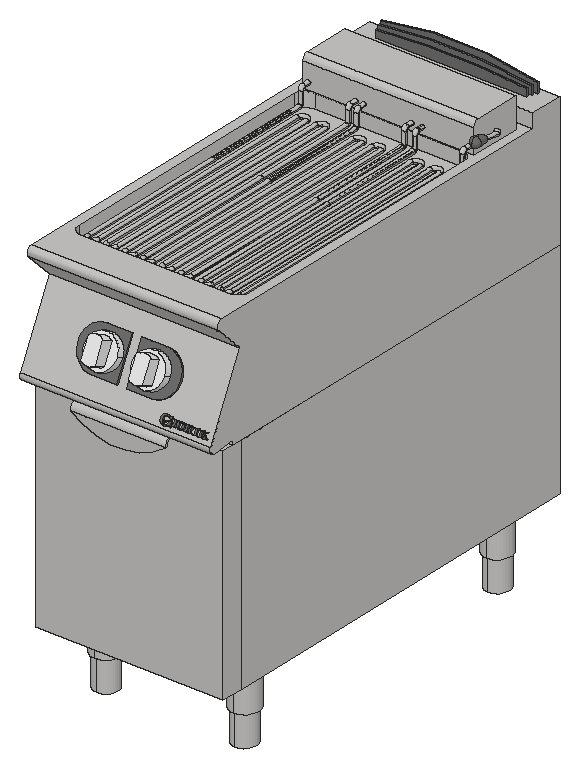
Revit family "QF_GIORIK_GL92GE", category Specialty Equipment, Revit 2014
Parameters (values of type "GL92GE")
  Weight in Pounds = 154.3234
  Watts = 5400 W
  Waste Water Discharge Temperature [instance] = 0 °C
  Volts = 400 V
  URL Cutsheet = "www.giorik.com"
  URL = "www.giorik.com"
  Status [instance] = ""
  Specification by User [instance] = ""
  Specification by Manufacturer = ""
  Show Logo [instance] = yes
  Show Clearance [instance] = yes
  Serial Number = ""
  Seismic Rating = ""
  SMACNA No = ""
  Revision Code [instance] = ""
  Plumbing Remarks [instance] = ""
  Plumbing Connection Type [instance] = ""
  Phase = 3
  Number of Poles [instance] = 3
  NAFEM Spec ID Number = ""
  Model = "GL92GE"
  Min Ckt Ampacity = 0 A
  Max Overcurrent Protection = 0 A
  Masterspec = ""
  Manufacturer = "GIORIK"
  Item Number [instance] = ""
  Installed By [instance] = ""
  Indirect Waste Size = 1"
  Indirect Waste Flow = 0.0 L/s
  Indirect Waste Connection Type [instance] = ""
  Indirect Waste Connection Height [instance] = 150 mm
  Identify Quantity as Lot [instance] = no
  HP = "7.241508000000"
  Furnished By [instance] = ""
  Foodservice Equipment Identifier [instance] = yes
  FL Amps = 0 A
  Electrical Remarks [instance] = ""
  Electric Connection Type [instance] = ""
  Elec Conn RI Height [instance] = 0 mm
  Elec Conn Connection Height [instance] = 150 mm
  Description = "AQUA-ELECTRIC GRILL WITH NEUTRAL CUPBOARD"
  Cycle = 50 Hz
  Conn Plug = ""
  Conn Conduit [instance] = no
  CSI MasterFormat = ""
  Assembly Code = "E1090320"
  Apparent Power = 5400 VA
Reference planes
  plane 1 "Back": y = 0
  plane 2: z = 0
  plane 3 "Left": x = 0
  plane 4 "Right": x = 400
  plane 5 "Front": y = -920
  plane 6 "Top": z = 900
Forms (mm)
  Extrusion 1, solid, visible <- "Show Logo"
    sketch origin (196.604, -935.76, 608.978) x (-1, 0, 0) y (0, 0.452718, 0.891654)
      loop
        line (-118.824, 58.358) -> (-127.804, 58.358) -> (-125.523, 56.445) -> (-125.523, 48.027) -> (-127.804, 46.113) -> (-118.824, 46.113) -> (-121.105, 48.027) -> (-121.105, 56.445) -> (-118.824, 58.358)
      loop
        line (-163.721, 58.358) -> (-172.7, 58.358) -> (-170.42, 56.445) -> (-170.42, 48.027) -> (-172.7, 46.113) -> (-163.721, 46.113) -> (-166.001, 48.027) -> (-166.001, 56.445) -> (-163.721, 58.358)
      loop
        line (-174.332, 58.358) -> (-183.312, 58.358) -> (-181.031, 56.445) -> (-181.031, 52.435) -> (-186.419, 56.955) -> (-184.416, 58.358) -> (-191.268, 58.358) -> (-188.01, 56.839) -> (-185.455, 54.283) -> (-190.846, 47.858) -> (-193.396, 46.93) -> (-193.396, 46.113) -> (-184.416, 46.113) -> (-185.437, 47.571) -> (-182.443, 51.552) -> (-181.031, 50.894) -> (-181.031, 48.027) -> (-183.312, 46.113) -> (-174.332, 46.113) -> (-176.613, 48.027) -> (-176.613, 56.445) -> (-174.332, 58.358)
      loop
        line (-115.429, 62.063) -> (-115.429, 54.198)
        arc (-115.429, 54.198) -> (-111.618, 57.803) -> (-106.847, 59.986) r 16.039
        arc (-106.847, 59.986) -> (-103.314, 59.837) -> (-100.512, 57.68) r 5.851
        arc (-100.512, 57.68) -> (-98.815, 52.267) -> (-100.512, 46.853) r 9.479
        arc (-100.512, 46.853) -> (-102.406, 44.986) -> (-104.846, 43.93) r 7.236
        arc (-104.846, 43.93) -> (-107.728, 44.111) -> (-110.052, 45.825) r 5.11
        line (-110.052, 45.825) -> (-110.052, 52.001) -> (-116.141, 52.001) -> (-116.141, 45.503) -> (-117.893, 43.751) -> (-114.094, 44.769)
        arc (-114.094, 44.769) -> (-112.56, 44.947) -> (-111.129, 44.366) r 3.115
        arc (-111.129, 44.366) -> (-104.216, 42.091) -> (-97.303, 44.366) r 11.641
        arc (-97.303, 44.366) -> (-93.396, 52.107) -> (-97.303, 59.849) r 9.622
        arc (-97.303, 59.849) -> (-104.369, 62.174) -> (-111.435, 59.849) r 11.898
        line (-111.435, 59.849) -> (-115.429, 62.063)
      loop
        arc (-129.234, 56.068) -> (-135.893, 58.628) -> (-142.552, 56.068) r 9.941
        arc (-142.552, 56.068) -> (-144.234, 52.286) -> (-142.552, 48.505) r 5.093
        arc (-142.552, 48.505) -> (-135.893, 45.945) -> (-129.234, 48.505) r 9.941
        arc (-129.234, 48.505) -> (-127.552, 52.286) -> (-129.234, 56.068) r 5.093
      loop
        arc (-132.628, 54.403) -> (-135.893, 57.668) -> (-139.158, 54.403) r 3.265
        line (-139.158, 54.403) -> (-139.158, 50.169)
        arc (-139.158, 50.169) -> (-135.893, 46.904) -> (-132.628, 50.169) r 3.265
        line (-132.628, 50.169) -> (-132.628, 54.403)
      loop
        arc (-156.363, 58.365) -> (-159.647, 55.081) -> (-156.363, 51.796) r 3.285
        line (-156.363, 51.796) -> (-159.529, 47.306) -> (-162.087, 46.113) -> (-155.847, 46.113) -> (-153.529, 51.083) -> (-150.637, 51.083) -> (-150.637, 47.784) -> (-153.022, 46.113) -> (-144.011, 46.113) -> (-146.094, 47.68) -> (-146.094, 56.493) -> (-144.229, 58.365) -> (-156.363, 58.365)
      loop
        line (-150.637, 57.512) -> (-153.637, 57.512)
        arc (-153.637, 57.512) -> (-156.237, 54.912) -> (-153.637, 52.312) r 2.6
        line (-153.637, 52.312) -> (-150.637, 52.312) -> (-150.637, 57.512)
      loop
        line (-108.924, 52.001) -> (-104.936, 49.005) -> (-100.948, 52.001) -> (-108.924, 52.001)
    from 1.5 to -0.5
  Extrusion 2, solid
    sketch origin (-16, 1025.81, 0) x (1, 0, 0) y (0, 1, 0)
      loop
        line (25, -1086.81) -> (25, -1156.81) -> (115, -1156.81) -> (115, -1086.81) -> (25, -1086.81)
    from 148 to 150
  Extrusion 3, solid
    sketch origin (-4, 0, 130) x (1, 0, 0) y (0, 1, 0)
      loop
        circle (54, -385) r 12.5
    from 0 to 20
  Extrusion 4, solid
    sketch origin (0, 800, -20) x (0, 1, 0) y (0, 0, 1)
      loop
        line (-800, 919.988) -> (-870, 919.988) -> (-870, 889.988) -> (-1688.669, 889.988)
        arc (-1688.669, 889.988) -> (-1699.014, 883.075) -> (-1696.586, 870.873) r 11.197
        line (-1696.586, 870.873) -> (-1640.738, 815.025) -> (-1718.81, 661.258)
        arc (-1718.81, 661.258) -> (-1718.095, 650.105) -> (-1707.98, 645.354) r 10.981
        line (-1707.98, 645.354) -> (-1659.862, 649.925) -> (-1659.862, 640) -> (-800, 640) -> (-800, 919.988)
    from 0 to 400
  Extrusion 5, solid
    sketch origin (0, -200, 599.536) x (1, 0, 0) y (0, 1, 0)
      loop
        line (0, -640) -> (40, -640) -> (40, 160) -> (360, 160) -> (360, -640) -> (400, -640) -> (400, 200) -> (0, 200) -> (0, -640)
    from -449.536 to 20.464
  Extrusion 6, solid
    sketch origin (0, -200, 0) x (1, 0, 0) y (0, 1, 0)
      loop
        line (40, 160) -> (40, -640) -> (360, -640) -> (360, 160) -> (40, 160)
    from 150 to 190
  Extrusion 7, solid
    sketch origin (-16, 360.81, 0) x (1, 0, 0) y (0, 1, 0)
      loop
        line (25, -1086.81) -> (25, -1156.81) -> (115, -1156.81) -> (115, -1086.81) -> (25, -1086.81)
    from 148 to 150
  Revolve 8, solid
    sketch origin (54, 360.81, 0) x (0, 1, 0) y (0, 0, 1)
      loop
        line (-1092.56, 66) -> (-1092.56, 148) -> (-1121.81, 148) -> (-1121.81, 0) -> (-1096.81, 0) -> (-1096.81, 66) -> (-1092.56, 66)
      axis (-1121.81, 0) -> (-1121.81, 148)
    angle from 0 to 360
  Revolve 9, solid
    sketch origin (54, 1025.81, 0) x (0, 1, 0) y (0, 0, 1)
      loop
        line (-1092.56, 66) -> (-1092.56, 148) -> (-1121.81, 148) -> (-1121.81, 0) -> (-1096.81, 0) -> (-1096.81, 66) -> (-1092.56, 66)
      axis (-1121.81, 0) -> (-1121.81, 148)
    angle from 0 to 360
  Extrusion 10, solid
    sketch origin (416, 360.81, 0) x (-1, 0, 0) y (0, -1, 0)
      loop
        line (25, 1086.81) -> (115, 1086.81) -> (115, 1156.81) -> (25, 1156.81) -> (25, 1086.81)
    from 148 to 150
  Revolve 11, solid
    sketch origin (346, 360.81, 0) x (0, 1, 0) y (0, 0, -1)
      loop
        line (-1092.56, -66) -> (-1096.81, -66) -> (-1096.81, 0) -> (-1121.81, 0) -> (-1121.81, -148) -> (-1092.56, -148) -> (-1092.56, -66)
      axis (-1121.81, 0) -> (-1121.81, -148)
    angle from 0 to 360
  Extrusion 12, solid
    sketch origin (416, -1217.81, 0) x (-1, 0, 0) y (0, -1, 0)
      loop
        line (25, -1086.81) -> (25, -1156.81) -> (115, -1156.81) -> (115, -1086.81) -> (25, -1086.81)
    from 148 to 150
  Revolve 13, solid
    sketch origin (346, -1217.81, 0) x (0, -1, 0) y (0, 0, 1)
      loop
        line (-1092.56, 66) -> (-1092.56, 148) -> (-1121.81, 148) -> (-1121.81, 0) -> (-1096.81, 0) -> (-1096.81, 66) -> (-1092.56, 66)
      axis (-1121.81, 0) -> (-1121.81, 148)
    angle from 0 to 360
  Extrusion 14, solid
    sketch origin (-273.221, -1163.345, 52.363) x (1, 0, 0) y (0, 0.452718, 0.891654)
      loop
        line (463.221, 676.25) -> (463.221, 766.25) -> (409.698, 766.25)
        arc (409.698, 766.25) -> (364.698, 721.25) -> (409.698, 676.25) r 45
        line (409.698, 676.25) -> (463.221, 676.25)
    from 48 to 50
  Extrusion 15, solid
    sketch origin (501.331, -1208.697, 74.959) x (-1, 0, 0) y (0, -0.45351, -0.891251)
      loop
        circle (351.331, -721.346) r 35
    from 0 to 15
  Extrusion 16, solid
    sketch origin (501.331, -1208.697, 74.959) x (-1, 0, 0) y (0, -0.45351, -0.891251)
      loop
        arc (336.331, -743.846) -> (351.331, -748.846) -> (366.331, -743.846) r 25
        line (366.331, -743.846) -> (366.331, -698.846)
        arc (366.331, -698.846) -> (351.331, -693.846) -> (336.331, -698.846) r 25
        line (336.331, -698.846) -> (336.331, -743.846)
    from 15 to 40
  Extrusion 17, solid
    sketch origin (-94, 0, -10.001) x (1, 0, 0) y (0, 0, 1)
      loop
        line (135, 909.989) -> (453, 909.989) -> (453, 925.527) -> (347.056, 931.749) -> (240.944, 931.749) -> (135, 925.527) -> (135, 909.989)
    from 32 to 35
  Extrusion 18, solid
    sketch origin (-92, 10, -10.001) x (1, 0, 0) y (0, 0, 1)
      loop
        line (454, 909.989) -> (454, 928.527) -> (346.162, 939.193) -> (237.838, 939.193) -> (130, 928.527) -> (130, 909.989) -> (454, 909.989)
    from 32 to 35
  Extrusion 19, solid
    sketch origin (-90, 20, -10.001) x (1, 0, 0) y (0, 0, 1)
      loop
        line (455, 909.989) -> (455, 930.527) -> (345.396, 947.413) -> (234.604, 947.413) -> (125, 930.527) -> (125, 909.989) -> (455, 909.989)
    from 32 to 35
  Extrusion 20, void
    sketch origin (0, -200, 819.988) x (0, 1, 0) y (-1, 0, 0)
      loop
        arc (0, -45) -> (-7.322, -27.322) -> (-25, -20) r 25
        line (-25, -20) -> (-589.698, -20)
        arc (-589.698, -20) -> (-607.375, -27.322) -> (-614.698, -45) r 25
        line (-614.698, -45) -> (-614.698, -355)
        arc (-614.698, -355) -> (-607.375, -372.678) -> (-589.698, -380) r 25
        line (-589.698, -380) -> (-25, -380)
        arc (-25, -380) -> (-7.322, -372.678) -> (0, -355) r 25
        line (0, -355) -> (0, -45)
    from 20 to 50
  Extrusion 21, solid
    sketch origin (464.5, -583, 1848.988) x (0, -1, 0) y (0, 0, 1)
      loop
        line (-493, -915.5) -> (-493, -979) -> (-383, -979) -> (-383, -927.5)
        arc (-383, -927.5) -> (-386.515, -919.015) -> (-395, -915.5) r 12
        line (-395, -915.5) -> (-493, -915.5)
    from 84.5 to 444.5
  Sweep 22, solid
    path origin (-435.5, 1386.369, 650.284) x (0, 0.987688, -0.156434) y (-1, 0, 0)
      loop
        line (-1551.47, -757) -> (-1551.47, -818)
        arc (-1551.47, -818) -> (-1554.162, -824.308) -> (-1560.47, -827) r 9.2
        line (-1560.47, -827) -> (-1595.47, -827)
    profile origin (352, -146, 892.988) x (0, 0.987688, -0.156434) y (0, 0.156434, 0.987688)
      loop
        circle (0, 0) r 4
  Revolve 23, solid
    sketch origin (391.5, 1381.82, -276.578) x (0, 0.987688, -0.156434) y (0, 0.156434, 0.987688)
      loop
        line (-1735.97, 916.293) -> (-1735.97, 923.293)
        arc (-1735.97, 923.293) -> (-1746.353, 925.612) -> (-1756.97, 926.293) r 68.381
        arc (-1756.97, 926.293) -> (-1764.041, 923.364) -> (-1766.97, 916.293) r 10
        line (-1766.97, 916.293) -> (-1735.97, 916.293)
      axis (-1735.97, 916.293) -> (-1766.97, 916.293)
    angle from 0 to 360
  Sweep 24, solid
    path origin (31.228, 1052.908, 69.791) x (0, 1, 0) y (0, 0, 1)
      loop
        line (-1252.907, 815) -> (-1267.907, 815)
        arc (-1267.907, 815) -> (-1271.443, 813.536) -> (-1272.907, 810) r 5
        line (-1272.907, 810) -> (-1272.907, 785)
        arc (-1272.907, 785) -> (-1274.372, 781.464) -> (-1277.907, 780) r 5
        line (-1277.907, 780) -> (-1502.907, 780)
    profile origin (31.228, -207.5, 884.791) x (0, 0, -1) y (1, 0, 0)
      loop
        circle (0, 0) r 4
  Sweep 25, solid
    path origin (-1298.25, 946.628, 849.791) x (0, 1, 0) y (-1, 0, 0)
      loop
        line (-1196.628, -1329.478) -> (-1726.628, -1329.478)
        arc (-1726.628, -1329.478) -> (-1736.628, -1339.478) -> (-1726.628, -1349.478) r 10
        line (-1726.628, -1349.478) -> (-1201.628, -1349.478)
        arc (-1201.628, -1349.478) -> (-1191.628, -1359.478) -> (-1201.628, -1369.478) r 10
        line (-1201.628, -1369.478) -> (-1726.628, -1369.478)
        arc (-1726.628, -1369.478) -> (-1736.628, -1379.478) -> (-1726.628, -1389.478) r 10
        line (-1726.628, -1389.478) -> (-1201.628, -1389.478)
        arc (-1201.628, -1389.478) -> (-1191.628, -1399.478) -> (-1201.628, -1409.478) r 10
        line (-1201.628, -1409.478) -> (-1726.628, -1409.478)
        arc (-1726.628, -1409.478) -> (-1736.628, -1419.478) -> (-1726.628, -1429.478) r 10
        line (-1726.628, -1429.478) -> (-1396.628, -1429.478)
    profile origin (31.228, -515, 849.791) x (1, 0, 0) y (0, 0, 1)
      loop
        circle (0, 0) r 4
  Sweep 26, solid
    path origin (131.228, 1052.908, 69.791) x (0, 1, 0) y (0, 0, 1)
      loop
        line (-1252.907, 815) -> (-1267.907, 815)
        arc (-1267.907, 815) -> (-1271.443, 813.536) -> (-1272.907, 810) r 5
        line (-1272.907, 810) -> (-1272.907, 785)
        arc (-1272.907, 785) -> (-1274.372, 781.464) -> (-1277.907, 780) r 5
        line (-1277.907, 780) -> (-1502.907, 780)
    profile origin (131.228, -207.5, 884.791) x (0, 0, -1) y (1, 0, 0)
      loop
        circle (0, 0) r 4
  Sweep 27, solid
    path origin (248.772, 1052.908, 69.791) x (0, 1, 0) y (0, 0, -1)
      loop
        line (-1252.907, -815) -> (-1267.907, -815)
        arc (-1267.907, -815) -> (-1271.443, -813.536) -> (-1272.907, -810) r 5
        line (-1272.907, -810) -> (-1272.907, -785)
        arc (-1272.907, -785) -> (-1274.372, -781.464) -> (-1277.907, -780) r 5
        line (-1277.907, -780) -> (-1502.907, -780)
    profile origin (248.772, -207.5, 884.791) x (0, 0, 1) y (-1, 0, 0)
      loop
        circle (0, 0) r 4
  Sweep 28, solid
    path origin (1578.25, 946.628, 849.791) x (0, 1, 0) y (-1, 0, 0)
      loop
        line (-1396.628, 1329.478) -> (-1726.628, 1329.478)
        arc (-1726.628, 1329.478) -> (-1736.628, 1339.478) -> (-1726.628, 1349.478) r 10
        line (-1726.628, 1349.478) -> (-1201.628, 1349.478)
        arc (-1201.628, 1349.478) -> (-1191.628, 1359.478) -> (-1201.628, 1369.478) r 10
        line (-1201.628, 1369.478) -> (-1726.628, 1369.478)
        arc (-1726.628, 1369.478) -> (-1736.628, 1379.478) -> (-1726.628, 1389.478) r 10
        line (-1726.628, 1389.478) -> (-1201.628, 1389.478)
        arc (-1201.628, 1389.478) -> (-1191.628, 1399.478) -> (-1201.628, 1409.478) r 10
        line (-1201.628, 1409.478) -> (-1726.628, 1409.478)
        arc (-1726.628, 1409.478) -> (-1736.628, 1419.478) -> (-1726.628, 1429.478) r 10
        line (-1726.628, 1429.478) -> (-1396.628, 1429.478)
    profile origin (248.772, -615, 849.791) x (1, 0, 0) y (0, 0, 1)
      loop
        circle (0, 0) r 4
  Sweep 29, solid
    path origin (148.772, 1052.908, 69.791) x (0, 1, 0) y (0, 0, -1)
      loop
        line (-1252.907, -815) -> (-1267.907, -815)
        arc (-1267.907, -815) -> (-1271.443, -813.536) -> (-1272.907, -810) r 5
        line (-1272.907, -810) -> (-1272.907, -785)
        arc (-1272.907, -785) -> (-1274.372, -781.464) -> (-1277.907, -780) r 5
        line (-1277.907, -780) -> (-1502.907, -780)
    profile origin (148.772, -207.5, 884.791) x (0, 0, 1) y (-1, 0, 0)
      loop
        circle (0, 0) r 4
  Sweep 30, solid
    path origin (271.228, 1052.908, 69.791) x (0, 1, 0) y (0, 0, 1)
      loop
        line (-1252.907, 815) -> (-1267.907, 815)
        arc (-1267.907, 815) -> (-1271.443, 813.536) -> (-1272.907, 810) r 5
        line (-1272.907, 810) -> (-1272.907, 785)
        arc (-1272.907, 785) -> (-1274.372, 781.464) -> (-1277.907, 780) r 5
        line (-1277.907, 780) -> (-1502.907, 780)
    profile origin (271.228, -207.5, 884.791) x (0, 0, -1) y (1, 0, 0)
      loop
        circle (0, 0) r 4
  Sweep 31, solid
    path origin (-1058.25, 946.628, 849.791) x (0, 1, 0) y (-1, 0, 0)
      loop
        line (-1396.628, -1329.478) -> (-1726.628, -1329.478)
        arc (-1726.628, -1329.478) -> (-1736.628, -1339.478) -> (-1726.628, -1349.478) r 10
        line (-1726.628, -1349.478) -> (-1201.628, -1349.478)
        arc (-1201.628, -1349.478) -> (-1191.628, -1359.478) -> (-1201.628, -1369.478) r 10
        line (-1201.628, -1369.478) -> (-1726.628, -1369.478)
        arc (-1726.628, -1369.478) -> (-1736.628, -1379.478) -> (-1726.628, -1389.478) r 10
        line (-1726.628, -1389.478) -> (-1201.628, -1389.478)
        arc (-1201.628, -1389.478) -> (-1191.628, -1399.478) -> (-1201.628, -1409.478) r 10
        line (-1201.628, -1409.478) -> (-1726.628, -1409.478)
        arc (-1726.628, -1409.478) -> (-1736.628, -1419.478) -> (-1726.628, -1429.478) r 10
        line (-1726.628, -1429.478) -> (-1396.628, -1429.478)
    profile origin (271.228, -615, 849.791) x (1, 0, 0) y (0, 0, 1)
      loop
        circle (0, 0) r 4
  Sweep 32, solid
    path origin (371.228, 1052.908, 69.791) x (0, 1, 0) y (0, 0, 1)
      loop
        line (-1252.907, 815) -> (-1267.907, 815)
        arc (-1267.907, 815) -> (-1271.443, 813.536) -> (-1272.907, 810) r 5
        line (-1272.907, 810) -> (-1272.907, 785)
        arc (-1272.907, 785) -> (-1274.372, 781.464) -> (-1277.907, 780) r 5
        line (-1277.907, 780) -> (-1502.907, 780)
    profile origin (371.228, -207.5, 884.791) x (0, 0, -1) y (1, 0, 0)
      loop
        circle (0, 0) r 4
  Extrusion 33, solid
    sketch origin (673.221, -1163.345, 52.363) x (-1, 0, 0) y (0, -0.452718, -0.891654)
      loop
        line (463.221, -676.25) -> (409.698, -676.25)
        arc (409.698, -676.25) -> (364.698, -721.25) -> (409.698, -766.25) r 45
        line (409.698, -766.25) -> (463.221, -766.25) -> (463.221, -676.25)
    from 48 to 50
  Extrusion 34, solid
    sketch origin (-101.331, -1208.697, 74.959) x (1, 0, 0) y (0, 0.45351, 0.891251)
      loop
        circle (351.331, 721.346) r 35
    from 0 to 15
  Extrusion 35, solid
    sketch origin (-101.331, -1208.697, 74.959) x (1, 0, 0) y (0, 0.45351, 0.891251)
      loop
        line (336.331, 743.846) -> (336.331, 698.846)
        arc (336.331, 698.846) -> (351.331, 693.846) -> (366.331, 698.846) r 25
        line (366.331, 698.846) -> (366.331, 743.846)
        arc (366.331, 743.846) -> (351.331, 748.846) -> (336.331, 743.846) r 25
    from 15 to 40
  Extrusion 36, solid
    sketch origin (0, 0, 100) x (0, 1, 0) y (-1, 0, 0)
      loop
        circle (-195, -350) r 12.7
    from 30 to 50
  Extrusion 37, solid
    sketch origin (5, -925, 0) x (1, 0, 0) y (0, 0, 1)
      loop
        line (0, 620) -> (0, 150) -> (395, 150) -> (395, 620) -> (0, 620)
    from -85 to -40
  Extrusion 38, solid
    sketch origin (5, -925, -20.1) x (0, 1, 0) y (0, 0, 1)
      loop
        arc (25, 640.1) -> (14.393, 635.707) -> (10, 625.1) r 15
        line (10, 625.1) -> (12, 625.1)
        arc (12, 625.1) -> (15.808, 634.292) -> (25, 638.1) r 13
        line (25, 638.1) -> (40, 638.1) -> (40, 640.1) -> (25, 640.1)
    from 97.5 to 297.5
  Extrusion 39, solid
    sketch origin (5, -924.905, -20.1) x (1, 0, 0) y (0, 0, 1)
      loop
        arc (97.5, 625.1) -> (197.5, 590.089) -> (297.5, 625.1) r 160.316
        line (297.5, 625.1) -> (97.5, 625.1)
    from -11.905 to -9.905
  Extrusion 40, solid, visible <- "Show Clearance", detail levels coarse
    sketch origin (400, -925, 0) x (-1, 0, 0) y (0, -1, 0)
      loop
        line (0, -40) -> (395, -40)
        arc (395, -40) -> (279.307, 239.307) -> (0, 355) r 395
        line (0, 355) -> (0, -40)
    from 150 to 620
  Sweep 41, solid
    path origin (148.772, 1052.908, 69.791) x (0, 1, 0) y (0, 0, 1)
      loop
        line (-1252.907, 815) -> (-1267.907, 815)
        arc (-1267.907, 815) -> (-1271.443, 813.536) -> (-1272.907, 810) r 5
        line (-1272.907, 810) -> (-1272.907, 785)
        arc (-1272.907, 785) -> (-1274.372, 781.464) -> (-1277.907, 780) r 5
        line (-1277.907, 780) -> (-1502.907, 780)
    profile origin (148.772, -207.5, 884.791) x (0, 0, -1) y (1, 0, 0)
      loop
        circle (0, 0) r 4
  Sweep 42, solid
    path origin (-1180.705, 946.628, 849.791) x (0, 1, 0) y (-1, 0, 0)
      loop
        line (-1396.628, -1329.478) -> (-1726.628, -1329.478)
        arc (-1726.628, -1329.478) -> (-1736.628, -1339.478) -> (-1726.628, -1349.478) r 10
        line (-1726.628, -1349.478) -> (-1201.628, -1349.478)
        arc (-1201.628, -1349.478) -> (-1191.628, -1359.478) -> (-1201.628, -1369.478) r 10
        line (-1201.628, -1369.478) -> (-1726.628, -1369.478)
        arc (-1726.628, -1369.478) -> (-1736.628, -1379.478) -> (-1726.628, -1389.478) r 10
        line (-1726.628, -1389.478) -> (-1201.628, -1389.478)
        arc (-1201.628, -1389.478) -> (-1191.628, -1399.478) -> (-1201.628, -1409.478) r 10
        line (-1201.628, -1409.478) -> (-1726.628, -1409.478)
        arc (-1726.628, -1409.478) -> (-1736.628, -1419.478) -> (-1726.628, -1429.478) r 10
        line (-1726.628, -1429.478) -> (-1396.628, -1429.478)
    profile origin (148.772, -615, 849.791) x (1, 0, 0) y (0, 0, 1)
      loop
        circle (0, 0) r 4
  Sweep 43, solid
    path origin (248.772, 1052.908, 69.791) x (0, 1, 0) y (0, 0, 1)
      loop
        line (-1252.907, 815) -> (-1267.907, 815)
        arc (-1267.907, 815) -> (-1271.443, 813.536) -> (-1272.907, 810) r 5
        line (-1272.907, 810) -> (-1272.907, 785)
        arc (-1272.907, 785) -> (-1274.372, 781.464) -> (-1277.907, 780) r 5
        line (-1277.907, 780) -> (-1502.907, 780)
    profile origin (248.772, -207.5, 884.791) x (0, 0, -1) y (1, 0, 0)
      loop
        circle (0, 0) r 4
  Sweep 44, solid
    path origin (271.206, 1052.908, 69.791) x (0, 1, 0) y (0, 0, 1)
      loop
        line (-1252.907, 815) -> (-1267.907, 815)
        arc (-1267.907, 815) -> (-1271.443, 813.536) -> (-1272.907, 810) r 5
        line (-1272.907, 810) -> (-1272.907, 785)
        arc (-1272.907, 785) -> (-1274.372, 781.464) -> (-1277.907, 780) r 5
        line (-1277.907, 780) -> (-1502.907, 780)
    profile origin (271.206, -207.5, 884.791) x (0, 0, -1) y (1, 0, 0)
      loop
        circle (0, 0) r 4
  Sweep 45, solid
    path origin (-1058.272, 946.628, 849.791) x (0, 1, 0) y (-1, 0, 0)
      loop
        line (-1396.628, -1329.478) -> (-1726.628, -1329.478)
        arc (-1726.628, -1329.478) -> (-1736.628, -1339.478) -> (-1726.628, -1349.478) r 10
        line (-1726.628, -1349.478) -> (-1201.628, -1349.478)
        arc (-1201.628, -1349.478) -> (-1191.628, -1359.478) -> (-1201.628, -1369.478) r 10
        line (-1201.628, -1369.478) -> (-1726.628, -1369.478)
        arc (-1726.628, -1369.478) -> (-1736.628, -1379.478) -> (-1726.628, -1389.478) r 10
        line (-1726.628, -1389.478) -> (-1201.628, -1389.478)
        arc (-1201.628, -1389.478) -> (-1191.628, -1399.478) -> (-1201.628, -1409.478) r 10
        line (-1201.628, -1409.478) -> (-1726.628, -1409.478)
        arc (-1726.628, -1409.478) -> (-1736.628, -1419.478) -> (-1726.628, -1429.478) r 10
        line (-1726.628, -1429.478) -> (-1396.628, -1429.478)
    profile origin (271.206, -615, 849.791) x (1, 0, 0) y (0, 0, 1)
      loop
        circle (0, 0) r 4
  Sweep 46, solid
    path origin (371.206, 1052.908, 69.791) x (0, 1, 0) y (0, 0, 1)
      loop
        line (-1252.907, 815) -> (-1267.907, 815)
        arc (-1267.907, 815) -> (-1271.443, 813.536) -> (-1272.907, 810) r 5
        line (-1272.907, 810) -> (-1272.907, 785)
        arc (-1272.907, 785) -> (-1274.372, 781.464) -> (-1277.907, 780) r 5
        line (-1277.907, 780) -> (-1502.907, 780)
    profile origin (371.206, -207.5, 884.791) x (0, 0, -1) y (1, 0, 0)
      loop
        circle (0, 0) r 4
Cuts and joins
  Extrusion 20 cuts Extrusion 4
Lines and regions (mm)
  symbolic lines, style "200-EquipBorder-2D"
    curve 1: line (0, -920, 0) -> (400, -920, 0)
    curve 2: line (400, -920, 0) -> (400, 0, 0)
    curve 3: line (400, 0, 0) -> (0, 0, 0)
    curve 4: line (0, 0, 0) -> (0, -920, 0)
    curve 110: line (135, -927.413, 900) -> (135, -920, 900)
    curve 111: line (165, -927.413, 900) -> (165, -920, 900)
    curve 112: line (265, -927.413, 900) -> (265, -920, 900)
    curve 113: line (235, -927.413, 900) -> (235, -920, 900)
    curve 114: arc (265, -927.413, 900) -> (250, -929.724, 900) -> (235, -927.413, 900) r 49.842
    curve 115: arc (165, -927.413, 900) -> (150, -929.58, 900) -> (135, -927.413, 900) r 53.014
  symbolic lines, style "200-EquipInternal-2D"
    curve 5: line (0, -70, 900) -> (400, -70, 900)
    curve 6: line (35, -12, 900) -> (365, -12, 900)
    curve 7: line (365, -12, 900) -> (365, -15, 900)
    curve 8: line (365, -15, 900) -> (35, -15, 900)
    curve 9: line (35, -15, 900) -> (35, -12, 900)
    curve 10: line (38, -22, 900) -> (362, -22, 900)
    curve 11: line (362, -22, 900) -> (362, -25, 900)
    curve 12: line (362, -25, 900) -> (38, -25, 900)
    curve 13: line (38, -25, 900) -> (38, -22, 900)
    curve 14: line (41, -32, 900) -> (359, -32, 900)
    curve 15: line (359, -32, 900) -> (359, -35, 900)
    curve 16: line (359, -35, 900) -> (41, -35, 900)
    curve 17: line (41, -35, 900) -> (41, -32, 900)
    curve 20: line (27.198, -200, 900) -> (27.198, -780, 900)
    curve 21: arc (27.198, -780, 900) -> (41.221, -794.023, 900) -> (55.244, -780, 900) r 14.023
    curve 22: line (55.244, -780, 900) -> (55.244, -255, 900)
    curve 23: arc (55.244, -255, 900) -> (61.198, -249.046, 900) -> (67.153, -255, 900) r 5.954
    curve 24: line (67.153, -255, 900) -> (67.153, -780, 900)
    curve 25: arc (67.153, -780, 900) -> (81.174, -794.021, 900) -> (95.195, -780, 900) r 14.021
    curve 26: line (95.195, -780, 900) -> (95.195, -255, 900)
    curve 27: arc (95.195, -255, 900) -> (101.209, -248.986, 900) -> (107.222, -255, 900) r 6.013
    curve 28: line (107.222, -255, 900) -> (107.222, -780, 900)
    curve 29: arc (107.222, -780, 900) -> (121.236, -794.014, 900) -> (135.25, -780, 900) r 14.014
    curve 30: line (135.25, -780, 900) -> (135.25, -200, 900)
    curve 31: line (127.255, -200, 900) -> (127.255, -780, 900)
    curve 32: line (115.195, -780, 900) -> (115.195, -255, 900)
    curve 33: line (87.229, -255, 900) -> (87.229, -780, 900)
    curve 34: arc (87.229, -780, 900) -> (81.208, -786.021, 900) -> (75.187, -780, 900) r 6.021
    curve 35: line (75.187, -780, 900) -> (75.187, -255, 900)
    curve 36: line (47.264, -255, 900) -> (47.264, -780, 900)
    curve 37: arc (47.264, -780, 900) -> (41.247, -786.017, 900) -> (35.229, -780, 900) r 6.017
    curve 38: line (35.229, -780, 900) -> (35.229, -200, 900)
    curve 39: arc (27.198, -207.448, 900) -> (21.869, -215.515, 900) -> (20, -225, 900) r 25
    curve 40: arc (35.229, -201.988, 900) -> (39.683, -200.606, 900) -> (44.307, -200, 900) r 27.373
    curve 41: arc (355.524, -200, 900) -> (361.575, -200.879, 900) -> (367.233, -203.197, 900) r 25.066
    curve 42: arc (375.228, -210.308, 900) -> (378.777, -217.276, 900) -> (380, -225, 900) r 25
    curve 43: line (144.742, -200, 900) -> (144.742, -780, 900)
    curve 44: arc (144.742, -780, 900) -> (158.766, -794.023, 900) -> (172.789, -780, 900) r 14.023
    curve 45: line (172.789, -780, 900) -> (172.789, -255, 900)
    curve 46: arc (172.789, -255, 900) -> (178.743, -249.046, 900) -> (184.697, -255, 900) r 5.954
    curve 47: line (184.697, -255, 900) -> (184.697, -780, 900)
    curve 48: arc (184.697, -780, 900) -> (198.719, -794.021, 900) -> (212.74, -780, 900) r 14.021
    curve 49: line (212.74, -780, 900) -> (212.74, -255, 900)
    curve 50: arc (212.74, -255, 900) -> (218.753, -248.986, 900) -> (224.767, -255, 900) r 6.013
    curve 51: line (224.767, -255, 900) -> (224.767, -780, 900)
    curve 52: arc (224.767, -780, 900) -> (238.781, -794.014, 900) -> (252.794, -780, 900) r 14.014
    curve 53: line (252.794, -780, 900) -> (252.794, -200, 900)
    curve 54: line (244.8, -200, 900) -> (244.8, -780, 900)
    curve 55: line (232.74, -780, 900) -> (232.74, -255, 900)
    curve 56: arc (232.74, -255, 900) -> (218.757, -241.017, 900) -> (204.774, -255, 900) r 13.983
    curve 57: line (204.774, -255, 900) -> (204.774, -780, 900)
    curve 58: arc (204.774, -780, 900) -> (198.753, -786.021, 900) -> (192.731, -780, 900) r 6.021
    curve 59: line (192.731, -780, 900) -> (192.731, -255, 900)
    curve 60: line (164.809, -255, 900) -> (164.809, -780, 900)
    curve 61: arc (164.809, -780, 900) -> (158.791, -786.017, 900) -> (152.774, -780, 900) r 6.017
    curve 62: line (152.774, -780, 900) -> (152.774, -200, 900)
    curve 63: line (267.176, -200, 900) -> (267.176, -780, 900)
    curve 64: arc (267.176, -780, 900) -> (281.199, -794.023, 900) -> (295.222, -780, 900) r 14.023
    curve 65: line (295.222, -780, 900) -> (295.222, -255, 900)
    curve 66: arc (295.222, -255, 900) -> (301.176, -249.046, 900) -> (307.131, -255, 900) r 5.954
    curve 67: line (307.131, -255, 900) -> (307.131, -780, 900)
    curve 68: arc (307.131, -780, 900) -> (321.152, -794.021, 900) -> (335.173, -780, 900) r 14.021
    curve 69: line (335.173, -780, 900) -> (335.173, -255, 900)
    curve 70: arc (335.173, -255, 900) -> (341.186, -248.986, 900) -> (347.2, -255, 900) r 6.013
    curve 71: line (347.2, -255, 900) -> (347.2, -780, 900)
    curve 72: arc (347.2, -780, 900) -> (361.214, -794.014, 900) -> (375.228, -780, 900) r 14.014
    curve 73: line (375.228, -780, 900) -> (375.228, -200, 900)
    curve 74: line (367.233, -200, 900) -> (367.233, -780, 900)
    curve 75: line (355.173, -780, 900) -> (355.173, -255, 900)
    curve 76: arc (355.173, -255, 900) -> (341.19, -241.017, 900) -> (327.207, -255, 900) r 13.983
    curve 77: line (327.207, -255, 900) -> (327.207, -780, 900)
    curve 78: arc (327.207, -780, 900) -> (321.186, -786.021, 900) -> (315.165, -780, 900) r 6.021
    curve 79: line (315.165, -780, 900) -> (315.165, -255, 900)
    curve 80: line (287.242, -255, 900) -> (287.242, -780, 900)
    curve 81: arc (287.242, -780, 900) -> (281.224, -786.017, 900) -> (275.207, -780, 900) r 6.017
    curve 82: line (275.207, -780, 900) -> (275.207, -200, 900)
    curve 83: line (45, -814.698, 900) -> (355, -814.698, 900)
    curve 84: arc (115.195, -780, 900) -> (121.225, -786.03, 900) -> (127.255, -780, 900) r 6.03
    curve 85: arc (232.74, -780, 900) -> (238.77, -786.03, 900) -> (244.8, -780, 900) r 6.03
    curve 86: arc (367.233, -780, 900) -> (361.203, -786.03, 900) -> (355.173, -780, 900) r 6.03
    curve 87: arc (355, -814.698, 900) -> (372.678, -807.375, 900) -> (380, -789.698, 900) r 25
    curve 88: arc (45, -814.698, 900) -> (27.322, -807.375, 900) -> (20, -789.698, 900) r 25
    curve 89: line (20, -789.698, 900) -> (20, -225, 900)
    curve 90: line (380, -225, 900) -> (380, -789.698, 900)
    curve 91: line (20, -200, 900) -> (20, -90, 900)
    curve 92: line (20, -90, 900) -> (380, -90, 900)
    curve 93: line (380, -90, 900) -> (380, -200, 900)
    curve 94: line (380, -142, 900) -> (382.536, -142, 900)
    curve 95: line (380, -149.982, 900) -> (382.404, -149.982, 900)
    curve 96: line (387.501, -155.079, 900) -> (387.501, -188.518, 900)
    curve 97: line (395.499, -154.963, 900) -> (395.499, -188.518, 900)
    curve 98: arc (382.404, -149.982, 900) -> (386.008, -151.475, 900) -> (387.501, -155.079, 900) r 5.097
    curve 99: arc (382.536, -142, 900) -> (391.702, -145.797, 900) -> (395.499, -154.963, 900) r 12.963
    curve 100: arc (381.533, -210.204, 900) -> (391.533, -220.204, 900) -> (401.533, -210.204, 900) r 10
    curve 101: arc (401.533, -210.204, 900) -> (400.804, -199.779, 900) -> (398.631, -189.557, 900) r 74.904
    curve 102: arc (384.461, -189.443, 900) -> (382.269, -199.721, 900) -> (381.533, -210.204, 900) r 75.072
    curve 103: arc (395.499, -188.518, 900) -> (397.163, -188.743, 900) -> (398.631, -189.557, 900) r 4.546
    curve 104: arc (387.501, -188.518, 900) -> (385.891, -188.685, 900) -> (384.461, -189.443, 900) r 4.244
    curve 105: line (20, -200, 900) -> (380, -200, 900)
    curve 106: arc (75.187, -255, 900) -> (61.225, -241.039, 900) -> (47.264, -255, 900) r 13.961
    curve 107: arc (115.195, -255, 900) -> (101.212, -241.017, 900) -> (87.229, -255, 900) r 13.983
    curve 108: arc (192.731, -255, 900) -> (178.77, -241.039, 900) -> (164.809, -255, 900) r 13.961
    curve 109: arc (315.165, -255, 900) -> (301.203, -241.039, 900) -> (287.242, -255, 900) r 13.961
  symbolic lines, style "QF_Door-Drawer Clearances", visible <- "Show Clearance", detail levels coarse
    curve 18: arc (400, -1280, 0) -> (133.354, -1176.419, 0) -> (6.554, -920, 0) r 395
    curve 19: line (400, -920, 0) -> (400, -1280, 0)
Dimensions and locks
  plane 3 "Left" to plane 4 "Right" = 400 mm
  plane 5 "Front" to plane 1 "Back" = 920 mm
  plane 4 "Right" to plane 3 "Left" = 400 mm
  plane 1 "Back" to plane 5 "Front" = 920 mm
  plane 6 "Top" to level = 900 mm  (x2)
  aligned and locked: level to plane 2
Connectors
  piping at (350, -195, 130), diameter 25.4, driven by "Indirect Waste Size", driven by "Indirect Waste Flow"
    settings: on Extrusion 36, index 2, connector inside diameter 24", connector length 0 mm, flow factor 0, pipe flow 0.0 L/s, pressure drop 0.0 Pa, fitting loss kfactor 0, connector angle 0.00°, fixture units 0, engagement length 0 mm, angle of deflection 0.00°, flow configuration 1, flow direction 2, fitting loss method 0, system type 16, joint type 0, gender type 0, connector reference index -1, connector utility 0, adjustable connector no, is connector primary yes, connector description "Water drain"
  electrical at (50, -385, 130), driven by "Apparent Power", driven by "Volts", driven by "Number of Poles"
    settings: on Extrusion 3, index 3, voltage 400 V, apparent load 0 VA, apparent load phase1 5400 VA, apparent load phase2 0 VA, apparent load phase3 0 VA, power factor 1, load classification "Other", number of poles 3, system type 31, power factor state 1, is connector primary yes, connector utility no, sub classification motor no, connector description "Electric connection"
